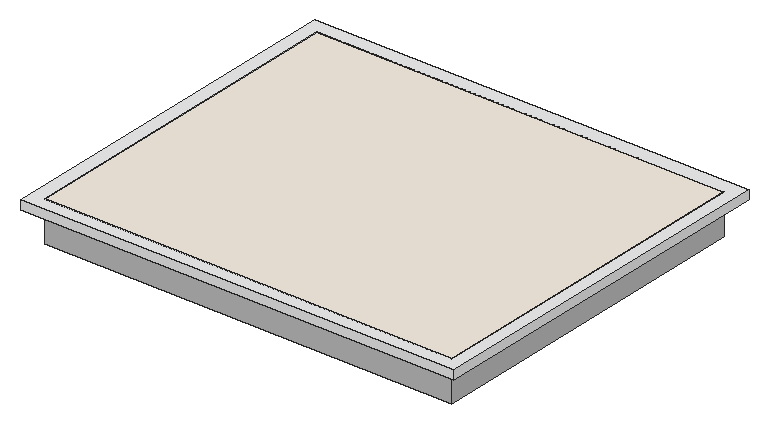
Revit family "Lighting-Industrial-GEWISS-ELIA-HL-LED_HIGHBAY", category Apparecchi per illuminazione, host Superficie, Revit 2019 (continued)
Types (12, lengths in mm): name | Weight (kg): | Weight (kg) | Voltage | Technical sheet | System power | Optic | built-in parameter 1150142 | Lumen output (lm) | Model | IDT | File diagramma fotometrico | Description
     436.18 \r\n410.76 386.96 364.36 342.97 323.07 304.10 285.68 267.10 \r\n246.81 226.65 208.11 190.53 173.87 157.85 142.13 126.90 \r\n112.25 98.18 84.63 71.80 59.88 48.88 38.80 29.70 21.44 \r\n14.57 9.76 6.59 4.86 4.63 \r\n13471.52 13472.86 13475.55 13478.24 13482.28 13486.31 \r\n13493.04 13501.11 13509.18 13518.59 13528.01 13538.77 \r\n13550.87 13562.98 13577.77 13589.88 13603.33 13619.47 \r\n13634.26 13650.40 13666.54 13682.68 13697.48 13710.93 \r\n13727.07 13741.86 13755.31 13768.76 13779.52 13791.63 \r\n13801.04 13810.46 13817.18 13822.56 13823.91 13823.91 \r\n13819.87 13813.15 13805.08 13791.63 13776.83 13758.00 \r\n13736.48 13712.27 13682.68 13651.75 13616.78 13577.77 \r\n13533.39 13486.31 13435.20 13380.06 13318.19 13253.63 \r\n13181.00 13104.33 13019.60 12928.14 12828.61 12719.66 \r\n12601.30 12474.87 12337.68 12191.08 12032.37 11864.24 \r\n11686.70 11502.44 11306.07 11098.94 10874.32 10628.19 \r\n10360.53 10071.36 9768.73 9471.49 9172.90 8875.65 8582.44 \r\n8297.30 8021.58 7753.92 7497.03 7245.51 7004.76 6780.14 \r\n6568.98 6365.89 6166.82 5973.15 5783.50 5592.51 5405.55 \r\n5225.32 5051.82 4885.04 4723.64 4564.93 4411.60 4260.96 \r\n4118.39 3981.20 3848.05 3714.89 3585.77 3460.68 3339.63 \r\n3222.62 3108.29 2993.97 2879.64 2766.66 2655.43 2546.49 \r\n2440.37 2338.01 2238.48 2140.70 2047.22 1960.07 1878.83 \r\n1804.18 1734.78 1669.41 1606.87 1546.48 1486.76 1425.57 \r\n1364.91 1305.86 1247.49 1188.04 1130.47 1078.15 1027.98 \r\n976.47 926.57 880.17 836.59 796.11 757.77 720.65 684.60 \r\n649.50 615.47 583.06 551.99 521.86 492.81 463.22 434.97 \r\n409.82 386.28 363.69 342.44 322.53 303.57 285.01 266.11 \r\n245.79 225.70 207.41 190.09 173.49 157.46 141.74 126.52 \r\n111.94 97.94 84.44 71.66 59.77 48.78 38.72 29.66 21.44 \r\n14.61 9.81 6.64 4.89 4.64 \r\n13471.52 13472.86 13475.55 13478.24 13482.28 13486.31 \r\n13493.04 13501.11 13509.18 13518.59 13528.01 13538.77 \r\n13550.87 13561.63 13576.43 13589.88 13603.33 13618.12 \r\n13634.26 13649.06 13665.20 13679.99 13696.13 13710.93 \r\n13725.72 13740.52 13753.97 13767.42 13779.52 13790.28 \r\n13801.04 13809.11 13817.18 13822.56 13823.91 13823.91 \r\n13821.22 13814.49 13806.42 13794.32 13779.52 13762.04 \r\n13740.52 13716.31 13688.06 13657.13 13623.50 13584.50 \r\n13540.11 13494.38 13443.27 13389.47 13327.60 13264.39 \r\n13193.10 13116.44 13033.05 12941.59 12843.40 12735.80 \r\n12620.13 12495.05 12357.86 12211.25 12055.23 11888.45 \r\n11712.26 11526.65 11331.62 11124.49 10903.91 10659.12 \r\n10392.81 10102.29 9799.67 9501.08 9201.14 8903.90 8609.34 \r\n8318.82 8039.06 7768.72 7507.79 7254.93 7012.83 6786.87 \r\n6573.01 6367.23 6169.51 5975.84 5788.88 5596.55 5408.24 \r\n5223.98 5047.78 4881.00 4720.95 4560.90 4406.22 4256.93 \r\n4113.01 3974.47 3841.32 3708.16 3580.39 3455.30 3335.60 \r\n3218.59 3104.26 2991.28 2878.30 2765.32 2653.28 2542.99 \r\n2435.39 2331.83 2231.76 2135.05 2043.06 1956.44 1875.47 \r\n1800.95 1731.15 1665.65 1602.97 1542.18 1482.32 1421.26 \r\n1360.60 1301.56 1243.18 1184.00 1126.84 1075.46 1025.70 \r\n974.18 924.01 877.48 833.90 793.95 756.16 719.17 683.39 \r\n648.02 613.86 581.85 551.18 521.19 492.00 462.14 433.76 \r\n408.75 385.48 363.28 342.03 322.13 303.03 284.06 265.05 \r\n244.72 224.76 206.74 189.67 173.10 157.06 141.35 126.16 \r\n111.65 97.73 84.28 71.55 59.68 48.70 38.68 29.64 21.46 \r\n14.67 9.87 6.69 4.93 4.66 \r\n13471.52 13472.86 13475.55 13478.24 13482.28 13486.31 \r\n13493.04 13501.11 13509.18 13517.25 13528.01 13537.42 \r\n13549.53 13561.63 13576.43 13589.88 13601.98 13618.12 \r\n13632.92 13647.71 13663.85 13678.65 13694.79 13709.58 \r\n13724.38 13739.17 13753.97 13766.07 13778.18 13790.28 \r\n13801.04 13809.11 13817.18 13821.22 13825.25 13825.25 \r\n13822.56 13815.84 13807.77 13797.01 13783.56 13764.73 \r\n13745.90 13720.34 13693.44 13662.51 13628.88 13589.88 \r\n13548.18 13501.11 13450.00 13396.20 13337.02 13273.80 \r\n13203.86 13127.20 13045.15 12955.04 12858.20 12751.94 \r\n12637.62 12512.53 12378.03 12231.43 12078.10 11911.32 \r\n11735.12 11550.86 11357.18 11152.74 10929.47 10687.37 \r\n10422.40 10133.23 9831.95 9532.01 9230.73 8932.14 8636.24 \r\n8341.69 8053.86 7782.17 7521.24 7264.34 7020.90 6792.25 \r\n6575.70 6368.57 6172.20 5979.87 5791.57 5599.23 5409.59 \r\n5223.98 5045.10 4879.66 4719.60 4558.20 4400.84 4251.55 \r\n4107.63 3970.44 3837.28 3704.13 3576.35 3452.61 3331.56 \r\n3215.89 3102.91 2989.93 2876.95 2763.97 2651.94 2540.17 \r\n2431.09 2326.31 2225.71 2130.08 2039.42 1953.48 1872.64 \r\n1798.00 1728.19 1662.29 1599.34 1538.14 1477.89 1416.96 \r\n1356.43 1297.25 1238.74 1179.97 1123.34 1072.64 1023.54 \r\n971.90 921.73 875.19 831.75 791.94 754.54 717.83 681.91 \r\n646.54 612.38 580.77 550.37 520.65 491.33 461.20 432.69 \r\n407.80 384.94 362.88 341.63 321.72 302.49 283.26 263.97 \r\n243.69 223.90 206.12 189.27 172.71 156.64 140.94 125.80 \r\n111.37 97.53 84.16 71.47 59.64 48.66 38.66 29.63 21.50 \r\n14.74 9.94 6.74 4.97 4.67 \r\n13471.52 13472.86 13475.55 13478.24 13482.28 13486.31 \r\n13493.04 13501.11 13507.83 13517.25 13525.32 13537.42 \r\n13548.18 13561.63 13575.08 13588.53 13601.98 13616.78 \r\n13631.57 13647.71 13662.51 13678.65 13693.44 13709.58 \r\n13724.38 13737.83 13751.28 13764.73 13778.18 13788.94 \r\n13799.70 13809.11 13817.18 13822.56 13823.91 13825.25 \r\n13823.91 13817.18 13810.46 13799.70 13784.90 13768.76 \r\n13748.59 13724.38 13697.48 13667.89 13634.26 13596.60 \r\n13554.91 13509.18 13458.07 13404.27 13346.43 13283.22 \r\n13214.62 13140.65 13058.60 12968.49 12872.99 12769.43 \r\n12653.76 12531.36 12396.86 12252.95 12098.27 11932.84 \r\n11757.99 11575.07 11382.73 11176.95 10956.37 10714.27 \r\n10451.99 10164.16 9861.54 9560.26 9257.63 8959.04 8661.80 \r\n8361.86 8072.69 7795.62 7530.65 7273.76 7027.62 6797.63 \r\n6579.74 6371.26 6172.20 5981.21 5794.26 5601.92 5409.59 \r\n5222.64 5042.40 4876.97 4716.91 4555.51 4399.49 4248.85 \r\n4104.94 3966.40 3834.60 3701.44 3573.66 3449.92 3328.88 \r\n3214.55 3101.57 2989.93 2876.95 2763.97 2651.26 2538.15 \r\n2427.46 2321.60 2220.59 2125.91 2036.20 1950.92 1870.49 \r\n1795.71 1725.63 1659.33 1595.98 1534.51 1473.85 1412.92 \r\n1352.53 1293.22 1234.71 1176.20 1119.98 1069.81 1021.26 \r\n969.74 919.44 872.91 829.60 790.05 752.80 716.35 680.70 \r\n645.20 611.03 579.56 549.57 519.84 490.52 460.39 431.75 \r\n407.13 384.54 362.34 341.23 321.32 301.95 282.45 262.93 \r\n242.75 223.14 205.58 188.92 172.35 156.22 140.55 125.45 \r\n111.10 97.34 84.04 71.42 59.60 48.66 38.66 29.64 21.55 \r\n14.83 10.02 6.80 5.00 4.69 \r\n13471.52 13472.86 13475.55 13478.24 13482.28 13486.31 \r\n13493.04 13501.11 13507.83 13517.25 13525.32 13536.08 \r\n13548.18 13561.63 13573.74 13587.19 13601.98 13615.43 \r\n13630.23 13645.02 13661.16 13675.96 13693.44 13706.89 \r\n13721.69 13736.48 13751.28 13764.73 13775.49 13788.94 \r\n13798.35 13807.77 13815.84 13822.56 13823.91 13825.25 \r\n13823.91 13819.87 13810.46 13801.04 13787.59 13771.45 \r\n13751.28 13728.41 13701.51 13673.27 13640.99 13601.98 \r\n13560.29 13514.56 13464.79 13410.99 13354.50 13292.63 \r\n13224.04 13150.06 13069.36 12981.94 12886.44 12784.22 \r\n12671.24 12547.50 12414.35 12271.78 12118.45 11954.36 \r\n11780.85 11597.93 11405.60 11201.16 10981.92 10741.17 \r\n10481.58 10193.75 9892.47 9589.85 9285.88 8984.60 8686.01 \r\n8383.38 8087.48 7807.72 7541.41 7281.83 7034.35 6801.66 \r\n6582.43 6372.61 6172.20 5982.56 5795.60 5603.27 5409.59 \r\n5221.29 5041.06 4874.28 4715.57 4554.17 4396.80 4246.16 \r\n4102.25 3965.06 3831.90 3701.44 3573.66 3448.58 3328.88 \r\n3213.20 3101.57 2989.93 2876.95 2763.97 2651.26 2537.07 \r\n2425.03 2318.11 2216.69 2122.54 2033.91 1949.17 1869.01 \r\n1794.23 1723.75 1656.91 1593.15 1531.01 1470.22 1409.29 \r\n1348.90 1289.32 1230.67 1172.57 1116.89 1067.12 1018.84 \r\n967.59 917.42 871.16 827.71 788.44 751.18 714.87 679.49 \r\n643.85 609.69 578.48 548.63 519.04 489.71 459.59 430.80 \r\n406.32 384.00 361.94 340.96 320.92 301.41 281.78 262.01 \r\n241.94 222.54 205.15 188.61 172.04 155.86 140.19 125.14 \r\n110.85 97.18 83.94 71.38 59.61 48.68 38.67 29.66 21.61 \r\n14.93 10.11 6.86 5.05 4.71 \r\n13471.52 13472.86 13475.55 13478.24 13482.28 13486.31 \r\n13493.04 13501.11 13507.83 13517.25 13526.66 13536.08 \r\n13548.18 13561.63 13573.74 13587.19 13600.64 13615.43 \r\n13630.23 13645.02 13658.47 13675.96 13692.10 13706.89 \r\n13720.34 13736.48 13749.93 13763.38 13775.49 13787.59 \r\n13798.35 13806.42 13814.49 13821.22 13823.91 13825.25 \r\n13823.91 13819.87 13810.46 13802.39 13788.94 13771.45 \r\n13752.62 13731.10 13704.20 13677.30 13645.02 13606.02 \r\n13565.67 13519.94 13471.52 13420.41 13362.57 13300.70 \r\n13234.80 13160.82 13081.47 12994.04 12901.24 12797.67 \r\n12686.04 12563.64 12431.83 12289.26 12137.28 11974.53 \r\n11801.03 11619.45 11428.46 11225.37 11007.48 10769.41 \r\n10511.17 10226.03 9927.44 9619.44 9310.09 9006.12 8703.49 \r\n8399.52 8100.93 7821.17 7549.48 7288.55 7038.38 6804.35 \r\n6583.77 6372.61 6172.20 5977.18 5788.88 5595.20 5405.55 \r\n5219.94 5041.06 4875.63 4716.91 4556.86 4402.18 4252.89 \r\n4107.63 3969.10 3835.94 3704.13 3576.35 3452.61 3331.56 \r\n3217.24 3104.26 2992.63 2879.64 2765.32 2652.74 2537.75 \r\n2425.44 2319.32 2218.58 2123.76 2034.18 1949.58 1869.68 \r\n1794.63 1723.62 1656.10 1591.40 1528.86 1467.66 1406.60 \r\n1346.21 1286.76 1228.12 1170.15 1114.60 1064.70 1016.42 \r\n965.58 915.81 869.81 826.77 787.09 749.70 713.12 677.61 \r\n642.37 608.34 577.00 546.88 517.15 487.97 458.24 430.13 \r\n405.79 383.46 361.67 340.55 320.51 300.74 281.10 261.64 \r\n241.83 222.65 205.26 188.62 171.93 155.66 139.99 124.95 \r\n110.71 97.10 83.93 71.41 59.66 48.77 38.76 29.72 21.71 \r\n15.05 10.21 6.93 5.09 4.73 \r\n13471.52 13472.86 13475.55 13478.24 13482.28 13487.66 \r\n13491.69 13499.76 13507.83 13515.90 13525.32 13536.08 \r\n13546.84 13560.29 13572.39 13585.84 13600.64 13614.09 \r\n13628.88 13643.68 13658.47 13674.61 13690.75 13705.55 \r\n13719.00 13735.14 13748.59 13762.04 13774.14 13786.25 \r\n13797.01 13806.42 13813.15 13819.87 13822.56 13825.25 \r\n13823.91 13819.87 13811.80 13802.39 13790.28 13774.14 \r\n13755.31 13732.45 13706.89 13678.65 13647.71 13611.40 \r\n13569.70 13526.66 13478.24 13427.13 13370.64 13308.77 \r\n13242.87 13170.24 13090.88 13006.15 12912.00 12809.78 \r\n12699.49 12578.44 12447.97 12305.40 12153.42 11992.02 \r\n11821.20 11639.63 11447.29 11248.23 11030.34 10794.97 \r\n10539.42 10256.97 9959.72 9649.03 9332.95 9026.29 8720.98 \r\n8412.97 8114.38 7831.93 7558.90 7293.93 7042.42 6807.04 \r\n6585.12 6373.95 6170.86 5973.15 5779.46 5587.13 5397.48 \r\n5215.91 5039.71 4875.63 4716.91 4560.90 4407.56 4258.27 \r\n4114.35 3975.82 3842.66 3709.51 3581.74 3456.65 3336.94 \r\n3221.27 3109.64 2995.31 2882.34 2768.01 2654.49 2539.36 \r\n2426.92 2321.60 2221.54 2125.64 2034.99 1950.52 1871.03 \r\n1795.71 1724.16 1655.69 1590.19 1527.11 1465.65 1404.45 \r\n1344.06 1284.47 1225.97 1168.13 1112.72 1062.42 1013.73 \r\n963.56 914.60 869.00 826.10 786.02 747.95 711.37 676.00 \r\n640.89 607.00 575.39 545.13 515.27 485.95 457.03 429.46 \r\n405.38 382.92 361.27 340.28 320.11 300.20 280.70 261.41 \r\n241.88 222.93 205.49 188.70 171.89 155.54 139.83 124.79 \r\n110.60 97.03 83.91 71.43 59.74 48.86 38.84 29.81 21.80 \r\n15.16 10.31 7.01 5.14 4.76 \r\n13471.52 13472.86 13475.55 13478.24 13482.28 13487.66 \r\n13493.04 13499.76 13506.49 13515.90 13525.32 13534.73 \r\n13546.84 13558.94 13572.39 13585.84 13599.29 13612.74 \r\n13627.54 13642.33 13657.13 13673.27 13689.41 13702.86 \r\n13717.65 13733.79 13747.24 13760.69 13774.14 13784.90 \r\n13795.66 13805.08 13811.80 13818.53 13821.22 13823.91 \r\n13822.56 13818.53 13811.80 13802.39 13790.28 13774.14 \r\n13756.66 13735.14 13709.58 13681.34 13650.40 13615.43 \r\n13575.08 13530.70 13484.97 13433.86 13377.37 13318.19 \r\n13252.28 13179.65 13101.64 13016.91 12924.10 12823.23 \r\n12711.59 12591.89 12462.77 12322.89 12170.90 12010.85 \r\n11838.69 11658.46 11466.12 11267.06 11053.21 10819.18 \r\n10566.32 10286.56 9990.66 9675.93 9355.82 9043.78 8735.77 \r\n8427.77 8126.49 7841.35 7566.97 7299.31 7045.11 6809.73 \r\n6586.46 6373.95 6169.51 5967.76 5770.05 5577.71 5390.76 \r\n5211.88 5041.06 4875.63 4718.26 4564.93 4412.94 4264.99 \r\n4122.43 3983.89 3848.05 3714.89 3585.77 3462.03 3342.32 \r\n3226.65 3113.67 2999.35 2885.02 2770.70 2656.91 2541.24 \r\n2428.80 2324.56 2225.03 2128.19 2036.46 1952.00 1872.78 \r\n1797.19 1725.10 1655.69 1589.25 1525.90 1464.17 1402.70 \r\n1342.31 1282.59 1224.08 1166.25 1110.97 1060.13 1011.31 \r\n961.67 913.52 868.47 825.70 785.21 746.61 709.76 674.25 \r\n639.55 605.92 574.05 543.38 513.39 484.33 455.82 429.05 \r\n404.98 382.65 360.86 340.02 319.57 299.67 280.30 261.32 \r\n242.10 223.36 205.81 188.82 171.88 155.43 139.71 124.68 \r\n110.52 96.99 83.90 71.46 59.83 48.98 38.94 29.89 21.90 \r\n15.28 10.41 7.08 5.19 4.78 \r\n13471.52 13472.86 13475.55 13478.24 13482.28 13487.66 \r\n13493.04 13499.76 13506.49 13515.90 13525.32 13536.08 \r\n13545.49 13558.94 13571.05 13584.50 13597.95 13612.74 \r\n13626.19 13640.99 13655.78 13670.58 13688.06 13701.51 \r\n13717.65 13731.10 13745.90 13759.35 13772.80 13783.56 \r\n13794.32 13803.73 13811.80 13817.18 13821.22 13822.56 \r\n13821.22 13817.18 13811.80 13802.39 13791.63 13775.49 \r\n13758.00 13735.14 13710.93 13684.03 13653.09 13618.12 \r\n13579.12 13536.08 13489.00 13437.89 13384.09 13324.91 \r\n13260.35 13189.07 13111.06 13027.67 12934.86 12833.99 \r\n12722.35 12605.34 12477.56 12337.68 12185.70 12025.64 \r\n11854.83 11674.60 11483.61 11284.55 11073.38 10842.04 \r\n10590.53 10314.80 10020.25 9701.48 9374.65 9059.92 \r\n8749.22 8439.87 8137.25 7848.07 7572.35 7303.35 7047.80 \r\n6812.42 6589.15 6375.30 6168.17 5962.39 5761.98 5569.65 \r\n5385.38 5209.18 5041.06 4876.97 4719.60 4567.62 4419.67 \r\n4271.72 4129.15 3990.61 3854.77 3721.61 3591.15 3467.41 \r\n3347.70 3232.03 3119.05 3002.04 2887.71 2773.39 2659.20 \r\n2543.66 2431.36 2327.79 2228.80 2131.02 2037.94 1953.61 \r\n1874.53 1798.80 1726.17 1656.10 1588.85 1524.83 1462.96 \r\n1401.36 1340.83 1281.11 1222.61 1164.77 1109.22 1057.98 \r\n1008.88 959.93 912.45 867.93 825.56 784.54 745.40 708.28 \r\n672.90 638.47 604.98 572.97 541.90 511.77 482.72 455.01 \r\n428.92 404.98 382.38 360.73 339.88 319.30 299.26 280.16 \r\n261.33 242.44 223.90 206.20 188.99 171.90 155.36 139.61 \r\n124.61 110.46 96.95 83.90 71.50 59.89 49.08 39.02 29.94 \r\n21.98 15.39 10.50 7.14 5.24 4.80 \r\n13471.52 13472.86 13475.55 13478.24 13480.93 13486.31 \r\n13493.04 13498.42 13506.49 13514.56 13523.97 13534.73 \r\n13545.49 13557.60 13571.05 13583.15 13597.95 13611.40 \r\n13624.85 13639.64 13654.44 13669.23 13685.37 13701.51 \r\n13716.31 13729.76 13744.55 13758.00 13771.45 13782.21 \r\n13792.97 13803.73 13810.46 13815.84 13819.87 13821.22 \r\n13819.87 13817.18 13810.46 13802.39 13790.28 13775.49 \r\n13758.00 13737.83 13713.62 13686.72 13655.78 13622.16 \r\n13583.15 13540.11 13494.38 13444.62 13389.47 13331.64 \r\n13267.08 13195.79 13119.13 13035.74 12944.28 12843.40 \r\n12734.46 12616.10 12489.67 12349.79 12200.49 12039.09 \r\n11869.62 11689.39 11498.40 11302.03 11090.87 10862.22 \r\n10612.05 10340.36 10047.15 9725.69 9394.82 9074.71 \r\n8759.98 8447.94 8145.32 7856.14 7577.73 7307.38 7051.83 \r\n6813.77 6591.84 6375.30 6166.82 5957.00 5755.25 5562.92 \r\n5378.65 5206.49 5041.06 4876.97 4720.95 4570.31 4425.05 \r\n4278.44 4135.88 3997.34 3861.49 3726.99 3596.53 3472.79 \r\n3351.74 3236.07 3121.74 3007.42 2891.75 2776.08 2661.62 \r\n2546.09 2434.05 2331.02 2232.30 2133.57 2039.56 1955.36 \r\n1876.54 1800.55 1727.52 1656.64 1588.58 1524.42 1462.15 \r\n1400.41 1339.75 1279.90 1221.26 1163.42 1107.74 1055.96 \r\n1006.60 958.18 911.78 867.93 825.56 784.00 744.19 707.07 \r\n671.83 637.53 604.44 572.03 540.69 510.56 481.64 454.48 \r\n429.05 405.25 382.38 360.59 339.75 318.90 298.86 279.89 \r\n261.47 242.85 224.51 206.63 189.16 171.94 155.31 139.54 \r\n124.56 110.41 96.92 83.89 71.53 59.96 49.16 39.07 29.97 \r\n22.05 15.49 10.59 7.20 5.27 4.82 \r\n13471.52 13472.86 13475.55 13478.24 13480.93 13486.31 \r\n13493.04 13498.42 13506.49 13514.56 13525.32 13534.73 \r\n13545.49 13557.60 13569.70 13584.50 13597.95 13611.40 \r\n13624.85 13639.64 13653.09 13669.23 13684.03 13700.17 \r\n13713.62 13729.76 13744.55 13758.00 13770.11 13782.21 \r\n13791.63 13802.39 13809.11 13814.49 13818.53 13821.22 \r\n13819.87 13817.18 13810.46 13802.39 13790.28 13775.49 \r\n13758.00 13737.83 13714.96 13688.06 13657.13 13623.50 \r\n13587.19 13544.15 13498.42 13448.65 13394.85 13337.02 \r\n13272.46 13202.52 13125.85 13043.81 12952.35 12851.47 \r\n12743.87 12626.86 12501.77 12361.89 12211.25 12051.20 \r\n11881.73 11702.84 11511.85 11316.8
